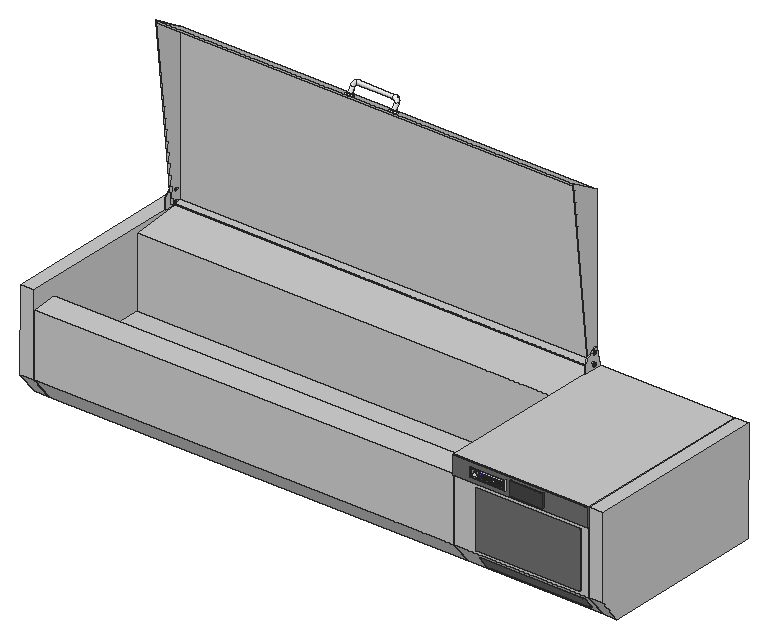
Revit family "Qf_Afinox_VRS1260K", category Specialty Equipment, Revit 2014
Parameters
  Show Logo [instance] = yes
  Show Clearance [instance] = yes
Reference planes
  plane 1 "Back": y = 0
  plane 2: z = 0
  plane 3 "Left": x = 0
  plane 4 "Right": x = 1260
  plane 5 "Front": y = -395
  plane 6 "Top": z = 225
Forms (mm)
  Extrusion 1, solid
    sketch origin (160, 0, 0) x (0, 1, 0) y (0, 0, 1)
      loop
        line (0, 225) -> (-118.091, 213.424) -> (-118.091, 63.424) -> (-342.706, 63.424) -> (-342.706, 191.405) -> (-395, 186.278) -> (-395, 50) -> (-354.511, 0) -> (0, 0) -> (0, 225)
    from -130 to 778
  Extrusion 2, solid
    sketch origin (0, 0, 0) x (0, 1, 0) y (0, 0, 1)
      loop
        line (0, 225) -> (-395, 225) -> (-395, 50) -> (-354.511, 0) -> (0, 0) -> (0, 225)
    from 0 to 30
  Extrusion 3, solid
    sketch origin (1230, 0, 0) x (0, 1, 0) y (0, 0, 1)
      loop
        line (0, 225) -> (-395, 225) -> (-395, 50) -> (-354.511, 0) -> (0, 0) -> (0, 225)
    from 0 to 30
  Extrusion 4, solid
    sketch origin (1200, 0, 0) x (0, 1, 0) y (0, 0, 1)
      loop
        line (0, 225) -> (-395, 225) -> (-395, 50) -> (-354.511, 0) -> (0, 0) -> (0, 225)
    from -262 to 30
  Extrusion 5, solid
    sketch origin (160, -394, -0.038) x (1, 0, 0) y (0, 0, 1)
      loop
        arc (829.65, 178.011) -> (827.352, 177.059) -> (826.4, 174.761) r 3.25
        line (826.4, 174.761) -> (826.4, 59.261)
        arc (826.4, 59.261) -> (827.352, 56.963) -> (829.65, 56.011) r 3.25
        line (829.65, 56.011) -> (1050.15, 56.011)
        arc (1050.15, 56.011) -> (1052.448, 56.963) -> (1053.4, 59.261) r 3.25
        line (1053.4, 59.261) -> (1053.4, 174.761)
        arc (1053.4, 174.761) -> (1052.448, 177.059) -> (1050.15, 178.011) r 3.25
        line (1050.15, 178.011) -> (829.65, 178.011)
    from 0 to 2
  Extrusion 6, solid
    sketch origin (160, -273.564, -98.372) x (1, 0, 0) y (0, -0.62932, 0.777146)
      loop
        arc (829.65, 178.011) -> (827.352, 177.059) -> (826.4, 174.761) r 3.25
        line (826.4, 174.761) -> (826.4, 141.843)
        arc (826.4, 141.843) -> (827.352, 139.544) -> (829.65, 138.593) r 3.25
        line (829.65, 138.593) -> (1050.15, 138.593)
        arc (1050.15, 138.593) -> (1052.448, 139.544) -> (1053.4, 141.843) r 3.25
        line (1053.4, 141.843) -> (1053.4, 174.761)
        arc (1053.4, 174.761) -> (1052.448, 177.059) -> (1050.15, 178.011) r 3.25
        line (1050.15, 178.011) -> (829.65, 178.011)
    from 0 to 2
  Extrusion 7, solid
    sketch origin (152.335, -397, -1.215) x (1, 0, 0) y (0, 0, 1)
      loop
        line (912.065, 221.354) -> (912.065, 192.354) -> (983.065, 192.354) -> (983.065, 221.354) -> (912.065, 221.354)
    from 0 to 3
  Extrusion 8, solid, visible <- "Show Logo"
    sketch origin (797.556, -397, -384.108) x (1, 0, 0) y (0, 0, 1)
      loop
        line (179.287, 599.596) -> (179.287, 579.899) -> (254.287, 579.899) -> (254.287, 599.596) -> (179.287, 599.596)
      loop
        line (199.226, 597.323) -> (199.226, 582.172) -> (253.014, 582.172) -> (253.014, 597.323) -> (199.226, 597.323)
      loop
        line (180.287, 597.323) -> (180.287, 582.172) -> (198.848, 582.172) -> (198.848, 597.323) -> (180.287, 597.323)
    from 0 to 2
  Extrusion 9, solid, visible <- "Show Logo"
    sketch origin (4.53, -397, -622.718) x (1, 0, 0) y (0, 0, 1)
      loop
        arc (994.034, 825.04) -> (994.842, 823.416) -> (996.479, 824.198) r 1.293
        line (996.479, 824.198) -> (996.958, 825.22) -> (1000.192, 825.22) -> (1000.6, 824.198)
        arc (1000.6, 824.198) -> (1002.252, 823.366) -> (1003.039, 825.04) r 1.291
        line (1003.039, 825.04) -> (999.801, 832.415)
        arc (999.801, 832.415) -> (998.57, 833.402) -> (997.337, 832.418) r 1.263
        line (997.337, 832.418) -> (994.034, 825.04)
      loop
        line (999.576, 827.427) -> (998.603, 829.738) -> (997.631, 827.445) -> (999.576, 827.427)
      loop
        line (1004.344, 832.421) -> (1004.344, 824.556)
        arc (1004.344, 824.556) -> (1005.631, 823.448) -> (1006.918, 824.556) r 1.302
        line (1006.918, 824.556) -> (1006.918, 827.178) -> (1010.126, 827.178)
        arc (1010.126, 827.178) -> (1011.3, 828.493) -> (1010.126, 829.808) r 1.323
        line (1010.126, 829.808) -> (1006.918, 829.808) -> (1006.918, 830.954) -> (1010.126, 830.954)
        arc (1010.126, 830.954) -> (1011.264, 832.233) -> (1010.126, 833.511) r 1.287
        line (1010.126, 833.511) -> (1005.326, 833.511)
        arc (1005.326, 833.511) -> (1004.652, 833.13) -> (1004.344, 832.421) r 1.22
      loop
        line (1012.593, 832.457) -> (1012.593, 824.488)
        arc (1012.593, 824.488) -> (1013.928, 823.343) -> (1015.262, 824.488) r 1.35
        line (1015.262, 824.488) -> (1015.262, 832.457)
        arc (1015.262, 832.457) -> (1013.928, 833.516) -> (1012.593, 832.457) r 1.37
      loop
        arc (1019.372, 832.457) -> (1018.038, 833.516) -> (1016.703, 832.457) r 1.37
        line (1016.703, 832.457) -> (1016.703, 824.488)
        arc (1016.703, 824.488) -> (1018.038, 823.343) -> (1019.372, 824.488) r 1.35
        line (1019.372, 824.488) -> (1019.372, 828.473) -> (1022.448, 824.488)
        arc (1022.448, 824.488) -> (1023.783, 823.343) -> (1025.118, 824.488) r 1.35
        line (1025.118, 824.488) -> (1025.118, 832.457)
        arc (1025.118, 832.457) -> (1023.783, 833.516) -> (1022.448, 832.457) r 1.37
        line (1022.448, 832.457) -> (1022.448, 828.473) -> (1019.372, 832.457)
      loop
        circle (1031.159, 828.429) r 5.095
      loop
        circle (1031.159, 828.429) r 2.733
      loop
        line (1036.425, 831.5) -> (1038.763, 828.375) -> (1036.365, 825.267)
        arc (1036.365, 825.267) -> (1036.712, 823.621) -> (1038.393, 823.703) r 1.296
        line (1038.393, 823.703) -> (1040.42, 826.313) -> (1042.28, 823.703)
        arc (1042.28, 823.703) -> (1043.993, 823.58) -> (1044.434, 825.238) r 1.346
        line (1044.434, 825.238) -> (1042.048, 828.408) -> (1044.37, 831.408)
        arc (1044.37, 831.408) -> (1044.07, 833.196) -> (1042.269, 832.987) r 1.316
        line (1042.269, 832.987) -> (1040.366, 830.453) -> (1038.502, 833.054)
        arc (1038.502, 833.054) -> (1036.78, 833.19) -> (1036.425, 831.5) r 1.308
      loop
        line (1046.04, 835.933) -> (992.253, 835.933) -> (992.253, 820.782) -> (1046.04, 820.782) -> (1046.04, 835.933)
    from 0 to 2
  Extrusion 10, solid, visible <- "Show Logo"
    sketch origin (-2.598, -397, -442.664) x (1, 0, 0) y (0, 0, 1)
      loop
        line (980.441, 655.879) -> (980.441, 640.728) -> (999.001, 640.728) -> (999.001, 655.879) -> (980.441, 655.879)
      loop
        arc (982.146, 642.435) -> (982.404, 641.667) -> (983.211, 641.586) r 0.747
        line (983.211, 641.586) -> (989.781, 644.576) -> (996.334, 641.6)
        arc (996.334, 641.6) -> (997.088, 641.702) -> (997.296, 642.435) r 0.695
        line (997.296, 642.435) -> (990.231, 654.688)
        arc (990.231, 654.688) -> (989.721, 654.992) -> (989.211, 654.688) r 0.58
        line (989.211, 654.688) -> (982.146, 642.435)
    from 0 to 2
  Extrusion 11, solid, visible <- "Show Logo"
    sketch origin (-36.886, -397, -392.26) x (1, 0, 0) y (0, 0, 1)
      loop
        arc (1016.435, 592.031) -> (1016.693, 591.262) -> (1017.5, 591.182) r 0.747
        line (1017.5, 591.182) -> (1024.07, 594.172) -> (1030.623, 591.195)
        arc (1030.623, 591.195) -> (1031.377, 591.298) -> (1031.584, 592.031) r 0.695
        line (1031.584, 592.031) -> (1024.52, 604.283)
        arc (1024.52, 604.283) -> (1024.01, 604.588) -> (1023.5, 604.283) r 0.58
        line (1023.5, 604.283) -> (1016.435, 592.031)
      loop
        arc (1035.45, 594.582) -> (1036.258, 592.958) -> (1037.895, 593.739) r 1.293
        line (1037.895, 593.739) -> (1038.374, 594.762) -> (1041.608, 594.762) -> (1042.016, 593.739)
        arc (1042.016, 593.739) -> (1043.668, 592.908) -> (1044.455, 594.582) r 1.291
        line (1044.455, 594.582) -> (1041.218, 601.957)
        arc (1041.218, 601.957) -> (1039.986, 602.943) -> (1038.753, 601.959) r 1.263
        line (1038.753, 601.959) -> (1035.45, 594.582)
      loop
        line (1040.992, 596.969) -> (1040.02, 599.279) -> (1039.047, 596.987) -> (1040.992, 596.969)
      loop
        arc (1045.76, 594.097) -> (1047.047, 592.99) -> (1048.334, 594.097) r 1.302
        line (1048.334, 594.097) -> (1048.334, 596.72) -> (1051.542, 596.72)
        arc (1051.542, 596.72) -> (1052.716, 598.035) -> (1051.542, 599.35) r 1.323
        line (1051.542, 599.35) -> (1048.334, 599.35) -> (1048.334, 600.496) -> (1051.542, 600.496)
        arc (1051.542, 600.496) -> (1052.681, 601.774) -> (1051.542, 603.052) r 1.287
        line (1051.542, 603.052) -> (1046.742, 603.052)
        arc (1046.742, 603.052) -> (1046.069, 602.672) -> (1045.76, 601.962) r 1.22
        line (1045.76, 601.962) -> (1045.76, 594.097)
      loop
        arc (1054.01, 594.029) -> (1055.344, 592.884) -> (1056.679, 594.029) r 1.35
        line (1056.679, 594.029) -> (1056.679, 601.999)
        arc (1056.679, 601.999) -> (1055.344, 603.058) -> (1054.01, 601.999) r 1.37
        line (1054.01, 601.999) -> (1054.01, 594.029)
      loop
        arc (1058.12, 594.029) -> (1059.454, 592.884) -> (1060.789, 594.029) r 1.35
        line (1060.789, 594.029) -> (1060.789, 598.014) -> (1063.865, 594.029)
        arc (1063.865, 594.029) -> (1065.199, 592.884) -> (1066.534, 594.029) r 1.35
        line (1066.534, 594.029) -> (1066.534, 601.999)
        arc (1066.534, 601.999) -> (1065.199, 603.058) -> (1063.865, 601.999) r 1.37
        line (1063.865, 601.999) -> (1063.865, 598.014) -> (1060.789, 601.999)
        arc (1060.789, 601.999) -> (1059.454, 603.058) -> (1058.12, 601.999) r 1.37
        line (1058.12, 601.999) -> (1058.12, 594.029)
      loop
        circle (1072.575, 597.971) r 5.095
      loop
        circle (1072.575, 597.971) r 2.733
      loop
        line (1080.18, 597.917) -> (1077.782, 594.809)
        arc (1077.782, 594.809) -> (1078.129, 593.163) -> (1079.809, 593.245) r 1.296
        line (1079.809, 593.245) -> (1081.836, 595.854) -> (1083.697, 593.245)
        arc (1083.697, 593.245) -> (1085.409, 593.121) -> (1085.851, 594.78) r 1.346
        line (1085.851, 594.78) -> (1083.464, 597.949) -> (1085.787, 600.95)
        arc (1085.787, 600.95) -> (1085.486, 602.737) -> (1083.686, 602.528) r 1.316
        line (1083.686, 602.528) -> (1081.782, 599.994) -> (1079.918, 602.596)
        arc (1079.918, 602.596) -> (1078.197, 602.731) -> (1077.841, 601.041) r 1.308
        line (1077.841, 601.041) -> (1080.18, 597.917)
    from 0 to 2
  Extrusion 12, solid
    sketch origin (25.935, -395, 3.646) x (1, 0, 0) y (0, 0, 1)
      loop
        line (912.065, 221.354) -> (912.065, 182.633) -> (1204.065, 182.633) -> (1204.065, 221.354) -> (912.065, 221.354)
    from 0 to 2
  Extrusion 13, solid
    sketch origin (160, -6.8, 0) x (1, 0, 0) y (0, 0, 1)
      loop
        circle (1050, 20) r 5
    from -17.6 to -6.8
  Extrusion 14, solid
    sketch origin (160, 0, 0) x (1, 0, 0) y (0, 0, 1)
      loop
        line (-130, 13) -> (1070, 13) -> (1070, 186) -> (-130, 186) -> (-130, 13)
      loop
        circle (1050, 20) r 5
    from -10.8 to 0
  Extrusion 15, solid
    sketch origin (160, 0, 0) x (0, 1, 0) y (0, 0, 1)
      loop
        line (-4.839, 566.059) -> (-5.711, 567.602) -> (-67.897, 604.966) -> (-67.483, 601.218) -> (-7.839, 565.38) -> (-7.839, 234.059) -> (-26.661, 234.059) -> (-26.661, 231.059) -> (-4.839, 231.059) -> (-4.839, 566.059)
    from -125.5 to 773.5
  Extrusion 16, solid
    sketch origin (31.5, 0, 0) x (0, 1, 0) y (0, 0, 1)
      loop
        line (-26.661, 231.059) -> (-4.839, 231.059) -> (-4.839, 566.059) -> (-5.711, 567.602) -> (-67.897, 604.966) -> (-26.661, 231.059)
    from 0 to 3
  Extrusion 17, solid
    sketch origin (933.5, 0, 0) x (0, 1, 0) y (0, 0, 1)
      loop
        line (-26.661, 231.059) -> (-4.839, 231.059) -> (-4.839, 566.059) -> (-5.711, 567.602) -> (-67.897, 604.966) -> (-26.661, 231.059)
    from 0 to 3
  Extrusion 18, solid
    sketch origin (27.5, 0, 0) x (0, 1, 0) y (0, 0, 1)
      loop
        line (-1.6, 229.5) -> (-9.4, 262.31)
        arc (-9.4, 262.31) -> (-13.213, 264.976) -> (-16.305, 261.5) r 3.5
        line (-16.305, 261.5) -> (-16.305, 258.7)
        arc (-16.305, 258.7) -> (-19.222, 255.38) -> (-22.819, 257.948) r 3.295
        arc (-22.819, 257.948) -> (-23.057, 258.376) -> (-23.545, 258.419) r 0.522
        arc (-23.545, 258.419) -> (-35.086, 251.292) -> (-39.6, 238.5) r 20.384
        line (-39.6, 238.5) -> (-39.6, 225) -> (-1.6, 225) -> (-1.6, 229.5)
      loop
        line (-16.414, 236.961) -> (-18.9, 242.422)
        arc (-18.9, 242.422) -> (-23.535, 244.158) -> (-25.271, 239.523) r 3.5
        line (-25.271, 239.523) -> (-22.786, 234.062)
        arc (-22.786, 234.062) -> (-18.15, 232.326) -> (-16.414, 236.961) r 3.5
    from 0 to 2.5
  Revolve 19, solid
    sketch origin (0, -19.388, 0) x (1, 0, 0) y (0, 0, 1)
      loop
        line (23.5, 258.511) -> (37.5, 258.511) -> (37.5, 261.033) -> (32.5, 261.033) -> (31.5, 261.5) -> (24.493, 261.5) -> (23.5, 260.507) -> (23.5, 258.511)
      axis (23.5, 258.511) -> (37.5, 258.511)
    angle from 0 to 360
  Revolve 20, solid
    sketch origin (0, -19.388, -23) x (1, 0, 0) y (0, 0, 1)
      loop
        line (23.5, 258.511) -> (37.5, 258.511) -> (37.5, 261.033) -> (32.5, 261.033) -> (31.5, 261.5) -> (24.493, 261.5) -> (23.5, 260.507) -> (23.5, 258.511)
      axis (23.5, 258.511) -> (37.5, 258.511)
    angle from 0 to 360
  Extrusion 21, solid
    sketch origin (940.5, 0, 0) x (0, 1, 0) y (0, 0, -1)
      loop
        line (-1.6, -229.5) -> (-1.6, -225) -> (-39.6, -225) -> (-39.6, -238.5)
        arc (-39.6, -238.5) -> (-35.086, -251.292) -> (-23.545, -258.419) r 20.384
        arc (-23.545, -258.419) -> (-23.057, -258.376) -> (-22.819, -257.948) r 0.522
        arc (-22.819, -257.948) -> (-19.222, -255.38) -> (-16.305, -258.7) r 3.295
        line (-16.305, -258.7) -> (-16.305, -261.5)
        arc (-16.305, -261.5) -> (-13.213, -264.976) -> (-9.4, -262.31) r 3.5
        line (-9.4, -262.31) -> (-1.6, -229.5)
      loop
        arc (-16.414, -236.961) -> (-18.15, -232.326) -> (-22.786, -234.062) r 3.5
        line (-22.786, -234.062) -> (-25.271, -239.523)
        arc (-25.271, -239.523) -> (-23.535, -244.158) -> (-18.9, -242.422) r 3.5
        line (-18.9, -242.422) -> (-16.414, -236.961)
    from 0 to 2.5
  Revolve 22, solid
    sketch origin (968, -19.388, 0) x (-1, 0, 0) y (0, 0, -1)
      loop
        line (23.5, -258.511) -> (23.5, -260.507) -> (24.493, -261.5) -> (31.5, -261.5) -> (32.5, -261.033) -> (37.5, -261.033) -> (37.5, -258.511) -> (23.5, -258.511)
      axis (23.5, -258.511) -> (37.5, -258.511)
    angle from 0 to 360
  Revolve 23, solid
    sketch origin (968, -19.388, -23) x (-1, 0, 0) y (0, 0, -1)
      loop
        line (23.5, -258.511) -> (23.5, -260.507) -> (24.493, -261.5) -> (31.5, -261.5) -> (32.5, -261.033) -> (37.5, -261.033) -> (37.5, -258.511) -> (23.5, -258.511)
      axis (23.5, -258.511) -> (37.5, -258.511)
    angle from 0 to 360
  Sweep 24, solid
    path origin (80.499, -355.476, 85.218) x (1, 0, 0) y (0, 0.515038, 0.857167)
      loop
        line (356.001, 596.626) -> (356.001, 610.769)
        arc (356.001, 610.769) -> (358.302, 616.325) -> (363.858, 618.626) r 7.857
        line (363.858, 618.626) -> (443.144, 618.626)
        arc (443.144, 618.626) -> (448.7, 616.325) -> (451.001, 610.769) r 7.857
        line (451.001, 610.769) -> (451.001, 596.626)
    profile origin (436.5, -44.549, 602.688) x (-1, 0, 0) y (0, -0.857167, 0.515038)
      loop
        circle (0, 0) r 4
  Revolve 25, solid
    sketch origin (436.467, 0, 0) x (0, 1, 0) y (0, 0, 1)
      loop
        line (-48.191, 596.626) -> (-51.796, 598.792)
        arc (-51.796, 598.792) -> (-53.02, 598.984) -> (-54.032, 598.269) r 1.648
        line (-54.032, 598.269) -> (-54.747, 598.698)
        arc (-54.747, 598.698) -> (-55.805, 598.856) -> (-56.664, 598.217) r 1.396
        line (-56.664, 598.217) -> (-49.736, 594.055) -> (-48.191, 596.626)
      axis (-48.191, 596.626) -> (-49.736, 594.055)
    angle from 0 to 360
  Revolve 26, solid
    sketch origin (531.467, 0, 0) x (0, 1, 0) y (0, 0, 1)
      loop
        line (-48.191, 596.626) -> (-51.796, 598.792)
        arc (-51.796, 598.792) -> (-53.02, 598.984) -> (-54.032, 598.269) r 1.648
        line (-54.032, 598.269) -> (-54.747, 598.698)
        arc (-54.747, 598.698) -> (-55.805, 598.856) -> (-56.664, 598.217) r 1.396
        line (-56.664, 598.217) -> (-49.736, 594.055) -> (-48.191, 596.626)
      axis (-48.191, 596.626) -> (-49.736, 594.055)
    angle from 0 to 360
Lines and regions (mm)
  symbolic lines, style "200-EquipBorder-2D"
    curve 1: line (0, 0, 0) -> (1260, 0, 0)
    curve 2: line (0, -395, 0) -> (0, 0, 0)
    curve 3: line (1260, -395, 0) -> (0, -395, 0)
    curve 4: line (1260, 0, 0) -> (1260, -395, 0)
    curve 10: line (30, 0, 0) -> (30, 10.8, 0)
    curve 11: line (30, 10.8, 0) -> (1230, 10.8, 0)
    curve 12: line (1230, 10.8, 0) -> (1230, 0, 0)
  symbolic lines, style "200-EquipInternal-2D"
    curve 5: line (30, -22.377, 0) -> (30, -395, 0)
    curve 6: line (938, -22.377, 0) -> (938, -395, 0)
    curve 7: line (1230, 0, 0) -> (1230, -395, 0)
    curve 8: line (938, -342.706, 0) -> (30, -342.706, 0)
    curve 9: line (30, -118.091, 0) -> (938, -118.091, 0)
    curve 13: line (31.5, -4.839, 0) -> (936.5, -4.839, 0)
    curve 14: line (31.5, -67.897, 0) -> (31.5, -4.839, 0)
    curve 15: line (936.5, -67.897, 0) -> (31.5, -67.897, 0)
    curve 16: line (936.5, -4.839, 0) -> (936.5, -67.897, 0)
    curve 17: line (944.5, -17.393, 0) -> (944.5, -21.384, 0)
    curve 18: line (944.5, -21.384, 0) -> (943.507, -22.377, 0)
    curve 19: line (943.507, -22.377, 0) -> (936.5, -22.377, 0)
    curve 20: line (943.507, -16.4, 0) -> (936.5, -16.4, 0)
    curve 21: line (943.507, -16.4, 0) -> (944.5, -17.393, 0)
    curve 22: line (938, 0, 0) -> (938, -16.4, 0)
    curve 23: line (938, -1.6, 0) -> (940.5, -1.6, 0)
    curve 24: line (940.5, -1.6, 0) -> (940.5, -16.4, 0)
    curve 25: line (940.5, -22.377, 0) -> (940.5, -39.6, 0)
    curve 26: line (940.5, -39.6, 0) -> (938, -39.6, 0)
    curve 27: line (31.5, -16.414, 0) -> (24.493, -16.414, 0)
    curve 28: line (24.493, -16.414, 0) -> (23.5, -17.407, 0)
    curve 29: line (23.5, -17.407, 0) -> (23.5, -21.384, 0)
    curve 30: line (23.5, -21.384, 0) -> (24.493, -22.377, 0)
    curve 31: line (24.493, -22.377, 0) -> (31.5, -22.377, 0)
    curve 32: line (30, -1.6, 0) -> (27.5, -1.6, 0)
    curve 33: line (27.5, -1.6, 0) -> (27.5, -16.414, 0)
    curve 34: line (27.5, -22.377, 0) -> (27.5, -39.6, 0)
    curve 35: line (27.5, -39.6, 0) -> (30, -39.6, 0)
    curve 36: spline (432.322, -43.789, 0) -> (429.783, -45.842, 0) -> (428.491, -48.62, 0) -> (428.685, -51.607, 0) -> (430.33, -54.244, 0) -> (433.12, -56.042, 0) -> (436.533, -56.664, 0) -> (439.934, -55.995, 0) -> (442.689, -54.159, 0) -> (444.284, -51.498, 0) -> (444.422, -48.51, 0) -> (443.077, -45.749, 0) -> (440.5, -43.733, 0)
    curve 37: spline (527.5, -43.701, 0) -> (524.891, -45.709, 0) -> (523.52, -48.475, 0) -> (523.645, -51.479, 0) -> (525.242, -54.154, 0) -> (528.01, -55.999, 0) -> (531.43, -56.664, 0) -> (534.856, -56.026, 0) -> (537.645, -54.204, 0) -> (539.27, -51.541, 0) -> (539.428, -48.539, 0) -> (538.087, -45.762, 0) -> (535.5, -43.733, 0)
    curve 38: spline (440.5, -48.191, 0) -> (440.364, -49.079, 0) -> (439.964, -49.906, 0) -> (439.328, -50.616, 0) -> (438.5, -51.161, 0) -> (437.535, -51.503, 0) -> (436.5, -51.62, 0) -> (435.465, -51.503, 0) -> (434.5, -51.161, 0) -> (433.672, -50.616, 0) -> (433.036, -49.906, 0) -> (432.636, -49.079, 0) -> (432.5, -48.191, 0)
    curve 39: spline (535.5, -48.191, 0) -> (535.364, -49.079, 0) -> (534.964, -49.906, 0) -> (534.328, -50.616, 0) -> (533.5, -51.161, 0) -> (532.535, -51.503, 0) -> (531.5, -51.62, 0) -> (530.465, -51.503, 0) -> (529.5, -51.161, 0) -> (528.672, -50.616, 0) -> (528.036, -49.906, 0) -> (527.636, -49.079, 0) -> (527.5, -48.191, 0)
    curve 40: line (432.5, -48.191, 0) -> (432.5, -40.849, 0)
    curve 41: line (440.5, -48.191, 0) -> (440.5, -41.684, 0)
    curve 42: line (527.5, -48.191, 0) -> (527.5, -41.628, 0)
    curve 43: line (535.5, -48.191, 0) -> (535.5, -40.849, 0)
    curve 44: line (444.274, -40.849, 0) -> (523.972, -40.849, 0)
    curve 45: line (444.274, -32.842, 0) -> (523.726, -32.842, 0)
    curve 46: spline (444.274, -32.842, 0) -> (442.737, -32.911, 0) -> (441.226, -33.115, 0) -> (439.768, -33.452, 0) -> (438.387, -33.915, 0) -> (437.106, -34.497, 0) -> (435.948, -35.187, 0) -> (434.933, -35.975, 0) -> (434.077, -36.846, 0) -> (433.396, -37.785, 0) -> (432.901, -38.777, 0) -> (432.601, -39.804, 0) -> (432.5, -40.849, 0)
    curve 47: spline (523.726, -32.842, 0) -> (525.263, -32.911, 0) -> (526.774, -33.115, 0) -> (528.232, -33.452, 0) -> (529.613, -33.915, 0) -> (530.894, -34.497, 0) -> (532.052, -35.187, 0) -> (533.067, -35.975, 0) -> (533.923, -36.846, 0) -> (534.604, -37.785, 0) -> (535.099, -38.777, 0) -> (535.399, -39.804, 0) -> (535.5, -40.849, 0)
    curve 48: arc (527.5, -41.628, 0) -> (525.779, -41.046, 0) -> (523.972, -40.849, 0) r 8.377
    curve 49: arc (440.5, -41.684, 0) -> (442.341, -41.061, 0) -> (444.274, -40.849, 0) r 8.945
    curve 50: line (30, 0, 0) -> (30, -16.414, 0)
Dimensions and locks
  plane 3 "Left" to plane 4 "Right" = 1260 mm
  plane 5 "Front" to plane 1 "Back" = 395 mm
  plane 6 "Top" to level = 225 mm
  aligned and locked: level to plane 2
  aligned and locked: Extrusion 14 to Extrusion 1
Connectors
  electrical at (1210, 10.8, 20)
    settings: on Extrusion 13, index 1, voltage 0 V, apparent load 0 VA, apparent load phase1 0 VA, apparent load phase2 0 VA, apparent load phase3 0 VA, power factor 1, load classification "Other", number of poles 1, system type 31, power factor state 1, is connector primary yes, connector utility no, sub classification motor no, connector description "Electrical connection"
